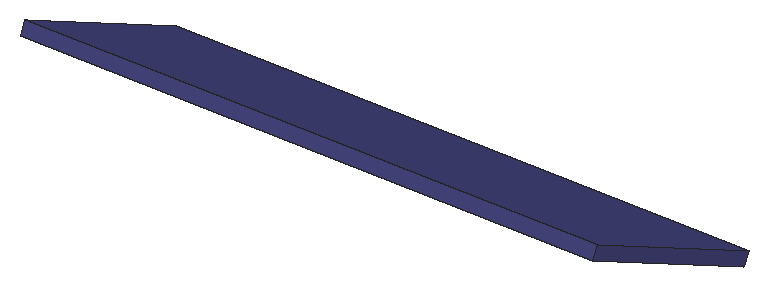
Revit family "PainelSolar", category Electrical Equipment, Revit 2020
Family settings
  Round Connector Dimension = Use Diameter
  Part Type = Other Panel
  OmniClass Number = 23.80.30.11.17
  OmniClass Title = Distribution Boards and Control Panels
  Work Plane-Based = No
  Always vertical = No
  Cut with Voids When Loaded = No
  Shared = Yes
  Room Calculation Point = No
Parameters (values of type "Painel_Solar_220x080")
  built-in parameter 1140142 [instance] = -1
  Painel_Profundidade = 0.800 m
  Painel_Comprimento = 2.200 m
  Painel_Angulo = 25.00°
  MCB Rating [instance] = 1 A
  Feed Through Lugs [instance] = yes
  Default Elevation = 0.000 m
Types (4, lengths in m): name | Painel_Profundidade | Painel_Comprimento
  Painel_Solar_220x080 | 0.800 | 2.200
  Painel_Solar_250x120 | 1.200 | 2.500
  Painel_Solar_220x120 | 1.200 | 2.200
  Painel_Solar_200x120 | 1.200 | 2.000
Reference planes (m)
  plane 1 "Center (Front/Back)": y = 0
  plane 2: z = 0
  plane 3 "Center (Left/Right)": x = 0.1
  plane 4: x = 2.3
  plane 5: x = 1.2
Forms (m)
  Extrusion 1, solid, material "CT_Solar_Placa"
    sketch origin (2.3, 0.65266, 1.2) x (0, 1, 0) y (0, 0, 1)
      loop
        line (-0.65266, -1.2) -> (-0.631529, -1.154685) -> (-1.356575, -0.81659) -> (-1.377706, -0.861905) -> (-0.65266, -1.2)
    from 0 to -2.2
Lines and regions (m)
  reference lines
    curve 1: line (0.1, 0, 0) -> (0.1, -0.725046, 0.338095)
Dimensions and locks (m)
  "Painel_Profundidade": curve 1 to curve 1
  "Painel_Comprimento": plane 4 to plane 3 "Center (Left/Right)"
  equal spacing: plane 3 "Center (Left/Right)", plane 5, plane 4
  locked: Extrusion 1 sketch curve to Extrusion 1 sketch curve at 0.05
  "Painel_Profundidade": Extrusion 1 sketch curve to Extrusion 1 sketch curve
  "Painel_Angulo": angle level to curve 1
  aligned and locked: level to plane 2
  aligned and locked: plane 1 "Center (Front/Back)" to curve 1
  aligned and locked: plane 2 to curve 1
  aligned and locked: Extrusion 1 sketch curve to curve 1
  aligned and locked: Extrusion 1 to plane 3 "Center (Left/Right)"
  aligned and locked: Extrusion 1 to plane 4
Automatic sketch dimensions
  Extrusion 1 sketch curve to level = 0.000 m
